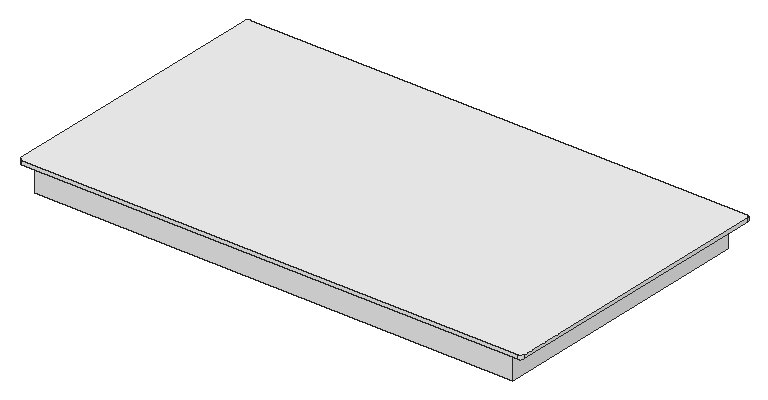
Revit family "Qf_Summit_SINC5B36W_36 inches 208-240V 5-Zone Induction Cooktop", category Specialty Equipment, Revit 2020
Family settings
  Round Connector Dimension = Use Diameter
  Part Type = Normal
  Work Plane-Based = No
  Always vertical = Yes
  Cut with Voids When Loaded = No
  Shared = No
  Room Calculation Point = No
Parameters
  Weight in Pounds = 40
  Watts = FL Amps * Volts  # 12000 W
  Volts = 240 V
  URL Cutsheet = ""
  Specification by User = ""
  Specification by Manufacturer = ""
  Show Clearance [instance] = yes
  Serial Number = ""
  Seismic Rating = ""
  SMACNA No = ""
  Revision Code = ""
  Phase = 1
  Number of Poles = 1
  NAFEM Spec ID Number = ""
  Model = "SINC5B36W"
  Min Ckt Ampacity = 0 A
  Max Overcurrent Protection = 0 A
  Masterspec = ""
  Manufacturer = "Summit"
  Length = 36"
  Item Number = ""
  Installed By = ""
  Identify Quantity as Lot = yes
  Height = 2"
  HP = ""
  Furnished By = ""
  Foodservice Equipment Identifier = yes
  FL Amps = 50 A
  Electrical Remarks = ""
  Electric Connection Type = ""
  Elec Conn RI Height = 0"
  Elec Conn Connection Height = 0"
  Description = "36\" Wide 208-240V 5-Zone Induction Cooktop"
  Depth = 20 1/2"
  Default Elevation = 0"
  Cycle = 60 Hz
  Conn Plug = ""
  Conn Conduit = yes
  CSI MasterFormat = ""
  Apparent Power = 828 VA
Reference planes (in)
  plane 1: z = 0
  plane 2 "LEFT": x = 0
  plane 3 "RIGHT": x = 36
  plane 4 "FRONT": y = -21.25
  plane 5 "TOP": z = 2
  plane 6 "Center Y": x = 18
  plane 7 "Center X": y = -11
  plane 8 "BACK": y = -0.75
  plane 9: z = 2.25
  plane 10: y = -1.3125
  plane 11: y = -20.5625
  plane 12: x = 34.875
  plane 13: x = 0.625
Forms (in)
  Extrusion 1, solid, material "QF_Plastic_White_Smooth"
    sketch origin (0, 0, 0) x (1, 0, 0) y (0, 1, 0)
      loop
        line (0, -1) -> (0, -20.9375)
        arc (0, -20.9375) -> (0.06782, -21.13949) -> (0.25, -21.25) r 0.31002
        line (0.25, -21.25) -> (35.75, -21.25)
        arc (35.75, -21.25) -> (35.93218, -21.13949) -> (36, -20.9375) r 0.31002
        line (36, -20.9375) -> (36, -1)
        arc (36, -1) -> (35.92678, -0.82322) -> (35.75, -0.75) r 0.25
        line (35.75, -0.75) -> (0.25, -0.75)
        arc (0.25, -0.75) -> (0.07322, -0.82322) -> (0, -1) r 0.25
    from 2 to 2.25
  Extrusion 2, solid, material "QF_Plastic_White_Smooth"
    sketch origin (0, 0, 0) x (1, 0, 0) y (0, 1, 0)
      loop
        line (0.625, -20.5625) -> (34.875, -20.5625) -> (34.875, -1.3125) -> (0.625, -1.3125) -> (0.625, -20.5625)
    from 0 to 2
  Extrusion 3, solid, material "QF_Plastic_White_Smooth"
    sketch origin (7.875, -19.5, 18.75) x (1, 0, 0) y (0, 0, 1)
      loop
        circle (16.25, -17.80912) r 0.25
    from -18.75 to -18.1875
Cuts and joins
  joined: Extrusion 2, Extrusion 3
Lines and regions (in)
  Split face 1
    outline origin (0, 0, 2.25) x (1, 0, 0) y (0, 1, 0)
      loop
        circle (6, -13.75) r 4.125
  Split face 2
    outline origin (11.24609, 7.46819, 2.25) x (1, 0, 0) y (0, 1, 0)
      loop
        circle (18.75, -13.75) r 4.125
  Split face 3
    outline origin (11.24609, -1.375, 2.25) x (1, 0, 0) y (0, 1, 0)
      loop
        circle (18.75, -13.375) r 3.125
  Split face 4
    outline origin (0, 8.125, 2.25) x (1, 0, 0) y (0, 1, 0)
      loop
        circle (6, -13.375) r 3.125
  Split face 5
    outline origin (0, 0, 2.25) x (1, 0, 0) y (0, 1, 0)
      loop
        circle (6, -5.25) r 3.07495
  Split face 6
    outline origin (11.24609, -9.5, 2.25) x (1, 0, 0) y (0, 1, 0)
      loop
        circle (18.75, -5.25) r 2.88432
  Split face 7
    outline origin (-0.25391, 0, 2.25) x (1, 0, 0) y (0, 1, 0)
      loop
        circle (30.25, -6.25) r 4.06439
  Split face 8
    outline origin (-11.5, -7.46819, 2.25) x (1, 0, 0) y (0, 1, 0)
      loop
        circle (17.5, -6.25) r 3.8775
  Split face 9
    outline origin (11.24609, -9.5, 2.25) x (1, 0, 0) y (0, 1, 0)
      loop
        circle (18.75, -5.25) r 3.07495
  Split face 10
    outline origin (0, 0, 2.25) x (1, 0, 0) y (0, 1, 0)
      loop
        circle (6, -5.25) r 2.9375
  Split face 11
    outline origin (11.24609, -9.5, 2.25) x (1, 0, 0) y (0, 1, 0)
      loop
        circle (18.75, -5.25) r 2.9375
  Split face 12
    outline origin (0, 0, 2.25) x (1, 0, 0) y (0, 1, 0)
      loop
        circle (6, -5.25) r 2.88432
  Split face 13
    outline origin (-11.5, -7.5, 2.25) x (1, 0, 0) y (0, 1, 0)
      loop
        circle (17.5, -6.25) r 4.07036
  Split face 14
    outline origin (-0.25391, 0, 2.25) x (1, 0, 0) y (0, 1, 0)
      loop
        circle (30.25, -6.25) r 3.80074
  Split face 15
    outline origin (-11.5, -7.5, 2.25) x (1, 0, 0) y (0, 1, 0)
      loop
        circle (17.5, -6.25) r 3.81335
  Split face 16
    outline origin (-0.25391, 0.03181, 2.25) x (1, 0, 0) y (0, 1, 0)
      loop
        circle (30.25, -6.25) r 3.8775
  Split face 17
    outline origin (7.74785, 0.99908, 2.25) x (1, 0, 0) y (0, 1, 0)
      loop
        circle (7.5, -19.75) r 0.375
  Split face 18
    outline origin (-0.76268, 1.03137, 2.25) x (1, 0, 0) y (0, 1, 0)
      loop
        circle (20.25, -19.75) r 0.375
  Split face 19
    outline origin (1.25, 0, 2.25) x (1, 0, 0) y (0, 1, 0)
      loop
        circle (20.25, -19.75) r 0.375
  Split face 20
    outline origin (2.25, 0, 2.25) x (1, 0, 0) y (0, 1, 0)
      loop
        circle (20.25, -19.75) r 0.375
  Split face 21
    outline origin (3.15298, 0, 2.25) x (1, 0, 0) y (0, 1, 0)
      loop
        circle (19.34702, -19.75) r 0.21256
  Split face 22
    outline origin (2.15298, 0, 2.25) x (1, 0, 0) y (0, 1, 0)
      loop
        circle (19.34702, -19.75) r 0.34194
  Split face 23
    outline origin (20.55934, 1.24508, 2.25) x (0, 1, 0) y (-1, 0, 0)
      loop
        circle (-19.85939, 5.45621) r 0.14044
  Split face 24
    outline origin (9.53892, 0.72109, 2.25) x (0, 1, 0) y (-1, 0, 0)
      loop
        line (-20.35718, -7.21108) -> (-20.47109, -7.21108) -> (-20.47109, -10.21108) -> (-20.11953, -10.21108) -> (-20.35718, -7.21108)
  Split face 25
    outline origin (19.91992, 1.24508, 2.25) x (0, 1, 0) y (-1, 0, 0)
      loop
        circle (-19.85987, 4.81773) r 0.13153
  Split face 26
    outline origin (20.17523, 1.52415, 2.25) x (0, 1, 0) y (-1, 0, 0)
      loop
        circle (-20.27405, 4.92738) r 0.36076
  Split face 27
    outline origin (1.42583, 1.27737, 2.25) x (1, 0, 0) y (0, 1, 0)
      loop
        circle (18.20621, -19.85939) r 0.14044
  Split face 28
    outline origin (2.06526, 1.27737, 2.25) x (1, 0, 0) y (0, 1, 0)
      loop
        circle (17.56773, -19.85987) r 0.13153
  Split face 29
    outline origin (1.80994, 1.55644, 2.25) x (1, 0, 0) y (0, 1, 0)
      loop
        circle (17.67738, -20.27405) r 0.36076
  Split face 30
    outline origin (2.10819, 0.8548, 2.25) x (1, 0, 0) y (0, 1, 0)
      loop
        circle (19.39074, -20.60504) r 0.33037
  Split face 31
    outline origin (1.38715, 1.25448, 2.25) x (1, 0, 0) y (0, 1, 0)
      loop
        circle (20.11178, -21.00472) r 0.36442
  Split face 32
    outline origin (3.10819, 0.8548, 2.25) x (1, 0, 0) y (0, 1, 0)
      loop
        circle (19.39074, -20.60504) r 0.23196
  Split face 33
    outline origin (2.38715, 1.25448, 2.25) x (1, 0, 0) y (0, 1, 0)
      loop
        circle (20.11178, -21.00472) r 0.36024
  Split face 34
    outline origin (7, 0, 2.25) x (1, 0, 0) y (0, 1, 0)
      loop
        circle (7.5, -19.75) r 0.375
  Split face 35
    outline origin (7.90298, 0, 2.25) x (1, 0, 0) y (0, 1, 0)
      loop
        circle (6.59702, -19.75) r 0.34194
  Split face 36
    outline origin (7.85819, 0.8548, 2.25) x (1, 0, 0) y (0, 1, 0)
      loop
        circle (6.64074, -20.60504) r 0.33037
  Split face 37
    outline origin (7.13715, 1.25448, 2.25) x (1, 0, 0) y (0, 1, 0)
      loop
        circle (7.36178, -21.00472) r 0.36442
  Split face 38
    outline origin (6, 0, 2.25) x (1, 0, 0) y (0, 1, 0)
      loop
        circle (7.5, -19.75) r 0.375
  Split face 39
    outline origin (6.90298, 0, 2.25) x (1, 0, 0) y (0, 1, 0)
      loop
        circle (6.59702, -19.75) r 0.34194
  Split face 40
    outline origin (6.85819, 0.8548, 2.25) x (1, 0, 0) y (0, 1, 0)
      loop
        circle (6.64074, -20.60504) r 0.33037
  Split face 41
    outline origin (6.13715, 1.25448, 2.25) x (1, 0, 0) y (0, 1, 0)
      loop
        circle (7.36178, -21.00472) r 0.36442
  Split face 42
    outline origin (0.48732, 1.00012, 2.25) x (1, 0, 0) y (0, 1, 0)
      loop
        circle (20.25, -19.75) r 0.375
  Split face 43
    outline origin (2.66163, 0.95258, 2.25) x (1, 0, 0) y (0, 1, 0)
      loop
        circle (18.20621, -19.85939) r 0.14044
  Split face 44
    outline origin (3.30105, 0.95258, 2.25) x (1, 0, 0) y (0, 1, 0)
      loop
        circle (17.56773, -19.85987) r 0.13153
  Split face 45
    outline origin (3.05994, 1.52519, 2.25) x (1, 0, 0) y (0, 1, 0)
      loop
        circle (17.67738, -20.27405) r 0.36076
  Split face 46
    outline origin (2.0061, 1.00305, 2.25) x (1, 0, 0) y (0, 1, 0)
      loop
        circle (14.5, -19.75) r 0.375
  Split face 47
    outline origin (3.90045, 0.95962, 2.25) x (1, 0, 0) y (0, 1, 0)
      loop
        circle (12.45621, -19.85939) r 0.14044
  Split face 48
    outline origin (4.53987, 0.95962, 2.25) x (1, 0, 0) y (0, 1, 0)
      loop
        circle (11.81773, -19.85987) r 0.13153
  Split face 49
    outline origin (4.57872, 1.52812, 2.25) x (1, 0, 0) y (0, 1, 0)
      loop
        circle (11.92738, -20.27405) r 0.36076
  Split face 50
    outline origin (-0.50391, 3.46819, 2.25) x (1, 0, 0) y (0, 1, 0)
      loop
        circle (18.25, -13.75) r 5.5
  Split face 51
    outline origin (-12.00391, -4, 2.25) x (1, 0, 0) y (0, 1, 0)
      loop
        circle (29.75, -6.25) r 5.41675
  Split face 52
    outline origin (-12.00391, -4, 2.25) x (1, 0, 0) y (0, 1, 0)
      loop
        circle (29.75, -6.25) r 4.92111
  Split face 53
    outline origin (-12.00391, -3.96819, 2.25) x (1, 0, 0) y (0, 1, 0)
      loop
        circle (29.75, -6.28125) r 5
  Split face 54
    outline origin (-2, 1, 2.25) x (1, 0, 0) y (0, 1, 0)
      loop
        circle (20.25, -19.75) r 0.375
  Split face 55
    outline origin (0.57262, 1.52507, 2.25) x (1, 0, 0) y (0, 1, 0)
      loop
        circle (17.67738, -20.27405) r 0.12497
  Split face 56
    outline origin (0.57262, 1.52507, 2.25) x (1, 0, 0) y (0, 1, 0)
      loop
        circle (17.67738, -20.27405) r 0.35582
  symbolic lines
    curve 1: line (0, -1, 0) -> (0, -20.9375, 0)
    curve 2: arc (0, -20.9375, 0) -> (0.06782, -21.13949, 0) -> (0.25, -21.25, 0) r 0.31002
    curve 3: line (0.25, -21.25, 0) -> (35.75, -21.25, 0)
    curve 4: arc (35.75, -21.25, 0) -> (35.93218, -21.13949, 0) -> (36, -20.9375, 0) r 0.31002
    curve 5: line (36, -20.9375, 0) -> (36, -1, 0)
    curve 6: arc (36, -1, 0) -> (35.92678, -0.82322, 0) -> (35.75, -0.75, 0) r 0.25
    curve 7: line (35.75, -0.75, 0) -> (0.25, -0.75, 0)
    curve 8: arc (0.25, -0.75, 0) -> (0.07322, -0.82322, 0) -> (0, -1, 0) r 0.25
    curve 9: arc (2.875, -5.25, 0) -> (6, -2.125, 0) -> (9.125, -5.25, 0) r 3.125
    curve 10: arc (9.125, -5.25, 0) -> (6, -8.375, 0) -> (2.875, -5.25, 0) r 3.125
    curve 11: arc (2.92505, -5.25, 0) -> (6, -8.32495, 0) -> (9.07495, -5.25, 0) r 3.07495
    curve 12: arc (9.07495, -5.25, 0) -> (6, -2.17505, 0) -> (2.92505, -5.25, 0) r 3.07495
    curve 13: arc (3.0625, -5.25, 0) -> (6, -8.1875, 0) -> (8.9375, -5.25, 0) r 2.9375
    curve 14: arc (8.9375, -5.25, 0) -> (6, -2.3125, 0) -> (3.0625, -5.25, 0) r 2.9375
    curve 15: arc (3.11568, -5.25, 0) -> (6, -8.13432, 0) -> (8.88432, -5.25, 0) r 2.88432
    curve 16: arc (8.88432, -5.25, 0) -> (6, -2.36568, 0) -> (3.11568, -5.25, 0) r 2.88432
    curve 17: arc (12.82498, -10.25, 0) -> (17.74609, -15.17111, 0) -> (22.6672, -10.25, 0) r 4.92111
    curve 18: arc (22.6672, -10.25, 0) -> (17.74609, -5.32889, 0) -> (12.82498, -10.25, 0) r 4.92111
    curve 19: arc (22.74609, -10.24944, 0) -> (17.74609, -15.24944, 0) -> (12.74609, -10.24944, 0) r 5
    curve 20: arc (12.74609, -10.24944, 0) -> (17.74609, -5.24944, 0) -> (22.74609, -10.24944, 0) r 5
    curve 21: arc (23.16285, -10.25, 0) -> (17.74609, -4.83325, 0) -> (12.32934, -10.25, 0) r 5.41675
    curve 22: arc (12.32934, -10.25, 0) -> (17.74609, -15.66675, 0) -> (23.16285, -10.25, 0) r 5.41675
    curve 23: arc (12.24609, -10.28181, 0) -> (17.74609, -4.78181, 0) -> (23.24609, -10.28181, 0) r 5.5
    curve 24: arc (23.24609, -10.28181, 0) -> (17.74609, -15.78181, 0) -> (12.24609, -10.28181, 0) r 5.5
    curve 25: arc (34.12109, -6.28181, 0) -> (29.99609, -10.40681, 0) -> (25.8711, -6.28181, 0) r 4.125
    curve 26: arc (25.8711, -6.28181, 0) -> (29.99609, -2.15681, 0) -> (34.12109, -6.28181, 0) r 4.125
    curve 27: arc (25.93171, -6.25, 0) -> (29.99609, -10.31439, 0) -> (34.06048, -6.25, 0) r 4.06439
    curve 28: arc (34.06048, -6.25, 0) -> (29.99609, -2.18561, 0) -> (25.93171, -6.25, 0) r 4.06439
    curve 29: arc (33.79683, -6.25, 0) -> (29.99609, -10.05074, 0) -> (26.19536, -6.25, 0) r 3.80074
    curve 30: arc (26.19536, -6.25, 0) -> (29.99609, -2.44926, 0) -> (33.79683, -6.25, 0) r 3.80074
    curve 31: arc (33.87359, -6.21819, 0) -> (29.99609, -10.09569, 0) -> (26.1186, -6.21819, 0) r 3.8775
    curve 32: arc (26.1186, -6.21819, 0) -> (29.99609, -2.34069, 0) -> (33.87359, -6.21819, 0) r 3.8775
    curve 33: arc (33.07104, -14.75, 0) -> (29.99609, -11.67505, 0) -> (26.92115, -14.75, 0) r 3.07495
    curve 34: arc (26.92115, -14.75, 0) -> (29.99609, -17.82495, 0) -> (33.07104, -14.75, 0) r 3.07495
    curve 35: arc (26.8711, -14.75, 0) -> (29.99609, -11.625, 0) -> (33.12109, -14.75, 0) r 3.125
    curve 36: arc (33.12109, -14.75, 0) -> (29.99609, -17.875, 0) -> (26.8711, -14.75, 0) r 3.125
    curve 37: arc (27.11177, -14.75, 0) -> (29.99609, -11.86568, 0) -> (32.88042, -14.75, 0) r 2.88432
    curve 38: arc (32.88042, -14.75, 0) -> (29.99609, -17.63432, 0) -> (27.11177, -14.75, 0) r 2.88432
    curve 39: arc (27.0586, -14.75, 0) -> (29.99609, -11.8125, 0) -> (32.93359, -14.75, 0) r 2.9375
    curve 40: arc (32.93359, -14.75, 0) -> (29.99609, -17.6875, 0) -> (27.0586, -14.75, 0) r 2.9375
    curve 41: arc (13.15806, -19.75, 0) -> (13.5, -19.40806, 0) -> (13.84194, -19.75, 0) r 0.34194
    curve 42: arc (13.84194, -19.75, 0) -> (13.5, -20.09194, 0) -> (13.15806, -19.75, 0) r 0.34194
    curve 43: arc (13.8293, -19.75024, 0) -> (13.49893, -19.41987, 0) -> (13.16856, -19.75024, 0) r 0.33037
    curve 44: arc (13.16856, -19.75024, 0) -> (13.49893, -20.08061, 0) -> (13.8293, -19.75024, 0) r 0.33037
    curve 45: arc (13.86334, -19.75024, 0) -> (13.49893, -19.38582, 0) -> (13.13451, -19.75024, 0) r 0.36442
    curve 46: arc (13.13451, -19.75024, 0) -> (13.49893, -20.11466, 0) -> (13.86334, -19.75024, 0) r 0.36442
    curve 47: arc (13.125, -19.75, 0) -> (13.5, -19.375, 0) -> (13.875, -19.75, 0) r 0.375
    curve 48: arc (13.875, -19.75, 0) -> (13.5, -20.125, 0) -> (13.125, -19.75, 0) r 0.375
    curve 49: arc (14.125, -19.75, 0) -> (14.5, -19.375, 0) -> (14.875, -19.75, 0) r 0.375
    curve 50: arc (14.875, -19.75, 0) -> (14.5, -20.125, 0) -> (14.125, -19.75, 0) r 0.375
    curve 51: arc (14.86334, -19.75024, 0) -> (14.49893, -19.38582, 0) -> (14.13451, -19.75024, 0) r 0.36442
    curve 52: arc (14.13451, -19.75024, 0) -> (14.49893, -20.11466, 0) -> (14.86334, -19.75024, 0) r 0.36442
    curve 53: arc (14.15806, -19.75, 0) -> (14.5, -19.40806, 0) -> (14.84194, -19.75, 0) r 0.34194
    curve 54: arc (14.84194, -19.75, 0) -> (14.5, -20.09194, 0) -> (14.15806, -19.75, 0) r 0.34194
    curve 55: arc (14.8293, -19.75024, 0) -> (14.49893, -19.41987, 0) -> (14.16856, -19.75024, 0) r 0.33037
    curve 56: arc (14.16856, -19.75024, 0) -> (14.49893, -20.08061, 0) -> (14.8293, -19.75024, 0) r 0.33037
    curve 57: line (16.75, -19.75, 0) -> (19.75, -19.75, 0)
    curve 58: line (19.75, -19.75, 0) -> (19.75, -19.39845, 0)
    curve 59: line (19.75, -19.39845, 0) -> (16.75, -19.63609, 0)
    curve 60: line (16.75, -19.63609, 0) -> (16.75, -19.75, 0)
    curve 61: arc (21.875, -19.75, 0) -> (21.5, -20.125, 0) -> (21.125, -19.75, 0) r 0.375
    curve 62: arc (21.125, -19.75, 0) -> (21.5, -19.375, 0) -> (21.875, -19.75, 0) r 0.375
    curve 63: arc (21.84194, -19.75, 0) -> (21.5, -20.09194, 0) -> (21.15806, -19.75, 0) r 0.34194
    curve 64: arc (21.15806, -19.75, 0) -> (21.5, -19.40806, 0) -> (21.84194, -19.75, 0) r 0.34194
    curve 65: arc (21.16856, -19.75024, 0) -> (21.49893, -20.08061, 0) -> (21.8293, -19.75024, 0) r 0.33037
    curve 66: arc (21.8293, -19.75024, 0) -> (21.49893, -19.41987, 0) -> (21.16856, -19.75024, 0) r 0.33037
    curve 67: arc (21.86334, -19.75024, 0) -> (21.49893, -20.11466, 0) -> (21.13451, -19.75024, 0) r 0.36442
    curve 68: arc (21.13451, -19.75024, 0) -> (21.49893, -19.38582, 0) -> (21.86334, -19.75024, 0) r 0.36442
    curve 69: arc (22.875, -19.75, 0) -> (22.5, -20.125, 0) -> (22.125, -19.75, 0) r 0.375
    curve 70: arc (22.125, -19.75, 0) -> (22.5, -19.375, 0) -> (22.875, -19.75, 0) r 0.375
    curve 71: arc (22.13869, -19.75024, 0) -> (22.49893, -20.11048, 0) -> (22.85917, -19.75024, 0) r 0.36024
    curve 72: arc (22.85917, -19.75024, 0) -> (22.49893, -19.39, 0) -> (22.13869, -19.75024, 0) r 0.36024
    curve 73: arc (22.26697, -19.75024, 0) -> (22.49893, -19.51828, 0) -> (22.73089, -19.75024, 0) r 0.23196
    curve 74: arc (22.73089, -19.75024, 0) -> (22.49893, -19.9822, 0) -> (22.26697, -19.75024, 0) r 0.23196
    curve 75: arc (22.71256, -19.75, 0) -> (22.5, -19.53744, 0) -> (22.28744, -19.75, 0) r 0.21256
    curve 76: arc (22.28744, -19.75, 0) -> (22.5, -19.96256, 0) -> (22.71256, -19.75, 0) r 0.21256
    curve 77: arc (20.7274, -18.90682, 0) -> (20.86784, -18.76637, 0) -> (21.00829, -18.90682, 0) r 0.14044
    curve 78: arc (21.00829, -18.90682, 0) -> (20.86784, -19.04726, 0) -> (20.7274, -18.90682, 0) r 0.14044
    curve 79: arc (21.00032, -18.90729, 0) -> (20.86878, -18.77576, 0) -> (20.73725, -18.90729, 0) r 0.13153
    curve 80: arc (20.73725, -18.90729, 0) -> (20.86878, -19.03882, 0) -> (21.00032, -18.90729, 0) r 0.13153
    curve 81: arc (20.37656, -18.74886, 0) -> (20.73732, -19.10962, 0) -> (21.09808, -18.74886, 0) r 0.36076
    curve 82: arc (21.09808, -18.74886, 0) -> (20.73732, -18.3881, 0) -> (20.37656, -18.74886, 0) r 0.36076
    curve 83: arc (21.11232, -18.74988, 0) -> (20.73732, -19.12488, 0) -> (20.36232, -18.74988, 0) r 0.375
    curve 84: arc (20.36232, -18.74988, 0) -> (20.73732, -18.37488, 0) -> (21.11232, -18.74988, 0) r 0.375
    curve 85: arc (19.11232, -18.71863, 0) -> (19.48732, -19.09363, 0) -> (19.86232, -18.71863, 0) r 0.375
    curve 86: arc (19.86232, -18.71863, 0) -> (19.48732, -18.34363, 0) -> (19.11232, -18.71863, 0) r 0.375
    curve 87: arc (19.12656, -18.71761, 0) -> (19.48732, -19.07837, 0) -> (19.84808, -18.71761, 0) r 0.36076
    curve 88: arc (19.84808, -18.71761, 0) -> (19.48732, -18.35685, 0) -> (19.12656, -18.71761, 0) r 0.36076
    curve 89: arc (19.4916, -18.58203, 0) -> (19.63205, -18.72247, 0) -> (19.77249, -18.58203, 0) r 0.14044
    curve 90: arc (19.77249, -18.58203, 0) -> (19.63205, -18.44158, 0) -> (19.4916, -18.58203, 0) r 0.14044
    curve 91: arc (19.76452, -18.5825, 0) -> (19.63299, -18.71404, 0) -> (19.50145, -18.5825, 0) r 0.13153
    curve 92: arc (19.76452, -18.5825, 0) -> (19.63299, -18.45097, 0) -> (19.50145, -18.5825, 0) r 0.13153
    curve 93: arc (18.37497, -18.74898, 0) -> (18.25, -18.62401, 0) -> (18.12503, -18.74898, 0) r 0.12497
    curve 94: arc (18.12503, -18.74898, 0) -> (18.25, -18.87395, 0) -> (18.37497, -18.74898, 0) r 0.12497
    curve 95: arc (17.89418, -18.74898, 0) -> (18.25, -18.39316, 0) -> (18.60582, -18.74898, 0) r 0.35582
    curve 96: arc (18.60582, -18.74898, 0) -> (18.25, -19.1048, 0) -> (17.89418, -18.74898, 0) r 0.35582
    curve 97: arc (18.625, -18.75, 0) -> (18.25, -18.375, 0) -> (17.875, -18.75, 0) r 0.375
    curve 98: arc (17.875, -18.75, 0) -> (18.25, -19.125, 0) -> (18.625, -18.75, 0) r 0.375
    curve 99: arc (16.48914, -18.90024, 0) -> (16.3576, -18.76871, 0) -> (16.22607, -18.90024, 0) r 0.13153
    curve 100: arc (16.22607, -18.90024, 0) -> (16.3576, -19.03178, 0) -> (16.48914, -18.90024, 0) r 0.13153
    curve 101: arc (16.21622, -18.89977, 0) -> (16.35666, -18.75932, 0) -> (16.49711, -18.89977, 0) r 0.14044
    curve 102: arc (16.49711, -18.89977, 0) -> (16.35666, -19.04021, 0) -> (16.21622, -18.89977, 0) r 0.14044
    curve 103: arc (16.14534, -18.74593, 0) -> (16.5061, -19.10669, 0) -> (16.86685, -18.74593, 0) r 0.36076
    curve 104: arc (16.86685, -18.74593, 0) -> (16.5061, -18.38517, 0) -> (16.14534, -18.74593, 0) r 0.36076
    curve 105: arc (16.8811, -18.74695, 0) -> (16.5061, -19.12195, 0) -> (16.1311, -18.74695, 0) r 0.375
    curve 106: arc (16.1311, -18.74695, 0) -> (16.5061, -18.37195, 0) -> (16.8811, -18.74695, 0) r 0.375
    curve 107: arc (15.10219, -18.48326, 0) -> (14.97065, -18.61479, 0) -> (15.10219, -18.74633, 0) r 0.13153
    curve 108: arc (15.10219, -18.74633, 0) -> (15.23372, -18.61479, 0) -> (15.10219, -18.48326, 0) r 0.13153
    curve 109: arc (15.10313, -18.75476, 0) -> (14.96268, -18.61432, 0) -> (15.10313, -18.47387, 0) r 0.14044
    curve 110: arc (15.10313, -18.47387, 0) -> (15.24357, -18.61432, 0) -> (15.10313, -18.75476, 0) r 0.14044
    curve 111: arc (15.62285, -18.75092, 0) -> (15.24785, -18.37592, 0) -> (14.87285, -18.75092, 0) r 0.375
    curve 112: arc (14.87285, -18.75092, 0) -> (15.24785, -19.12592, 0) -> (15.62285, -18.75092, 0) r 0.375
    curve 113: arc (15.24785, -18.38914, 0) -> (14.88709, -18.7499, 0) -> (15.24785, -19.11066, 0) r 0.36076
    curve 114: arc (15.24785, -19.11066, 0) -> (15.60861, -18.7499, 0) -> (15.24785, -18.38914, 0) r 0.36076
    curve 115: arc (2.18665, -13.75, 0) -> (6, -17.56335, 0) -> (9.81335, -13.75, 0) r 3.81335
    curve 116: arc (2.18665, -13.75, 0) -> (6, -9.93665, 0) -> (9.81335, -13.75, 0) r 3.81335
    curve 117: arc (2.1225, -13.71819, 0) -> (6, -9.84069, 0) -> (9.8775, -13.71819, 0) r 3.8775
    curve 118: arc (9.8775, -13.71819, 0) -> (6, -17.59569, 0) -> (2.1225, -13.71819, 0) r 3.8775
    curve 119: arc (10.07036, -13.75, 0) -> (6, -9.67964, 0) -> (1.92964, -13.75, 0) r 4.07036
    curve 120: arc (1.92964, -13.75, 0) -> (6, -17.82036, 0) -> (10.07036, -13.75, 0) r 4.07036
    curve 121: arc (1.875, -13.75, 0) -> (6, -9.625, 0) -> (10.125, -13.75, 0) r 4.125
    curve 122: arc (10.125, -13.75, 0) -> (6, -17.875, 0) -> (1.875, -13.75, 0) r 4.125
Dimensions and locks (in)
  equal spacing: plane 2 "LEFT", plane 6 "Center Y", plane 3 "RIGHT"
  "Length": plane 2 "LEFT" to plane 3 "RIGHT"
  equal spacing: plane 4 "FRONT", plane 7 "Center X", plane 8 "BACK"
  "Height": plane 5 "TOP" to level
  plane 5 "TOP" to level = 2"
  "Depth": plane 4 "FRONT" to plane 8 "BACK"
  plane 9 to plane 5 "TOP" = 1/4"
  plane 3 "RIGHT" to plane 2 "LEFT" = 36"
  plane 10 to plane 11 = 19 1/4"
  locked: plane 11 to plane 4 "FRONT" at 0.6875
  plane 12 to plane 13 = 34 1/4"
  aligned and locked: level to plane 1
  aligned and locked: plane 5 "TOP" to Extrusion 2
  aligned and locked: Extrusion 1 to plane 5 "TOP"
  aligned and locked: Extrusion 1 to plane 9
  aligned and locked: Extrusion 3 to plane 8 "BACK"
  aligned and locked: plane 10 to Extrusion 3
Automatic sketch dimensions
  Extrusion 1 sketch curve to plane 2 "LEFT" = 0"
  plane 4 "FRONT" to Extrusion 1 sketch curve = 0"
  plane 8 "BACK" to Extrusion 1 sketch curve = 0"
  Extrusion 1 sketch curve to plane 3 "RIGHT" = 0"
  plane 2 "LEFT" to Extrusion 1 sketch curve = 1/4"  (x2)
  Extrusion 1 sketch curve to plane 4 "FRONT" = 0.30417"  (x2)
  plane 2 "LEFT" to Extrusion 1 sketch curve = 0.3099"
  plane 3 "RIGHT" to Extrusion 1 sketch curve = 0.3099"
  plane 3 "RIGHT" to Extrusion 1 sketch curve = 1/4"  (x2)
  plane 10 to Extrusion 2 sketch curve = 0"
  Extrusion 2 sketch curve to plane 11 = 0"
  plane 13 to Extrusion 2 sketch curve = 0"
  plane 12 to Extrusion 2 sketch curve = 0"
  Split face 1 sketch curve to Extrusion 1 = 6"
  Split face 1 sketch curve to Extrusion 1 = 7 1/2"
  Split face 2 sketch curve to Extrusion 1 = 6 1/256"
  Split face 2 sketch curve to Extrusion 1 = 5.53181"
  Split face 3 sketch curve to Extrusion 1 = 6 1/256"
  Split face 3 sketch curve to Extrusion 1 = 6 1/2"
  Split face 4 sketch curve to Extrusion 1 = 6"
  Split face 4 sketch curve to Extrusion 1 = 4 1/2"
  Split face 5 sketch curve to Extrusion 1 = 6"
  Split face 5 sketch curve to Extrusion 1 = 4 1/2"
  Split face 6 sketch curve to Extrusion 1 = 6 1/256"
  Split face 6 sketch curve to Extrusion 1 = 6 1/2"
  Split face 8 sketch curve to Extrusion 1 = 6"
  Split face 8 sketch curve to Extrusion 1 = 7.53181"
  Split face 9 sketch curve to Extrusion 1 = 6 1/256"
  Split face 9 sketch curve to Extrusion 1 = 6 1/2"
  Split face 10 sketch curve to Extrusion 1 = 6"
  Split face 10 sketch curve to Extrusion 1 = 4 1/2"
  Split face 11 sketch curve to Extrusion 1 = 6 1/256"
  Split face 11 sketch curve to Extrusion 1 = 6 1/2"
  Split face 12 sketch curve to Extrusion 1 = 6"
  Split face 12 sketch curve to Extrusion 1 = 4 1/2"
  Split face 13 sketch curve to Extrusion 1 = 6"
  Split face 13 sketch curve to Extrusion 1 = 7 1/2"
  Split face 15 sketch curve to Extrusion 1 = 6"
  Split face 15 sketch curve to Extrusion 1 = 7 1/2"
  Split face 16 sketch curve to Extrusion 1 = 6 1/256"
  Split face 16 sketch curve to Extrusion 1 = 5.46819"
  Split face 17 sketch curve to Extrusion 1 = 2.49908"
  Split face 17 sketch curve to Extrusion 1 = 15.24785"
  Split face 18 sketch curve to Extrusion 1 = 2.53137"
  Split face 18 sketch curve to Extrusion 1 = 16.51268"
  Split face 19 sketch curve to Extrusion 1 = 1 1/2"
  Split face 19 sketch curve to Extrusion 1 = 14 1/2"
  Split face 20 sketch curve to Extrusion 1 = 1 1/2"
  Split face 20 sketch curve to Extrusion 1 = 13 1/2"
  Split face 21 sketch curve to Extrusion 1 = 1 1/2"
  Split face 21 sketch curve to Extrusion 1 = 13 1/2"
  Split face 22 sketch curve to Extrusion 1 = 1 1/2"
  Split face 22 sketch curve to Extrusion 1 = 14 1/2"
  Split face 23 sketch curve to Extrusion 1 = 2.63568"
  Split face 23 sketch curve to Extrusion 1 = 15.10313"
  Split face 24 sketch curve to Extrusion 1 = 1 1/2"
  Split face 24 sketch curve to Split face 24 sketch curve = 0.11391"
  Split face 24 sketch curve to Split face 24 sketch curve = 45/128"
  Split face 24 sketch curve to Extrusion 1 = 16 1/4"
  Split face 24 sketch curve to Split face 24 sketch curve = 3"
  Split face 25 sketch curve to Extrusion 1 = 2.63521"
  Split face 25 sketch curve to Extrusion 1 = 15.10219"
  Split face 26 sketch curve to Extrusion 1 = 2.5001"
  Split face 26 sketch curve to Extrusion 1 = 15.24785"
  Split face 27 sketch curve to Extrusion 1 = 2 171/256"
  Split face 27 sketch curve to Extrusion 1 = 16.36795"
  Split face 28 sketch curve to Extrusion 1 = 2.6675"
  Split face 28 sketch curve to Extrusion 1 = 16.36701"
  Split face 29 sketch curve to Extrusion 1 = 2.53239"
  Split face 29 sketch curve to Extrusion 1 = 16.51268"
  Split face 30 sketch curve to Extrusion 1 = 1.49976"
  Split face 30 sketch curve to Extrusion 1 = 14.50107"
  Split face 31 sketch curve to Extrusion 1 = 1.49976"
  Split face 31 sketch curve to Extrusion 1 = 14.50107"
  Split face 32 sketch curve to Extrusion 1 = 1.49976"
  Split face 32 sketch curve to Extrusion 1 = 13.50107"
  Split face 33 sketch curve to Extrusion 1 = 1.49976"
  Split face 33 sketch curve to Extrusion 1 = 13.50107"
  Split face 34 sketch curve to Extrusion 1 = 1 1/2"
  Split face 34 sketch curve to Extrusion 1 = 14 1/2"
  Split face 35 sketch curve to Extrusion 1 = 1 1/2"
  Split face 35 sketch curve to Extrusion 1 = 14 1/2"
  Split face 36 sketch curve to Extrusion 1 = 1.49976"
  Split face 36 sketch curve to Extrusion 1 = 14.49893"
  Split face 37 sketch curve to Extrusion 1 = 1.49976"
  Split face 37 sketch curve to Extrusion 1 = 14.49893"
  Split face 38 sketch curve to Extrusion 1 = 1 1/2"
  Split face 38 sketch curve to Extrusion 1 = 13 1/2"
  Split face 39 sketch curve to Extrusion 1 = 1 1/2"
  Split face 39 sketch curve to Extrusion 1 = 13 1/2"
  Split face 40 sketch curve to Extrusion 1 = 1.49976"
  Split face 40 sketch curve to Extrusion 1 = 13.49893"
  Split face 41 sketch curve to Extrusion 1 = 1.49976"
  Split face 41 sketch curve to Extrusion 1 = 13.49893"
  plane 6 "Center Y" to Extrusion 3 sketch curve = 6 1/8"
  level to Extrusion 3 sketch curve = 0.94088"
  Split face 42 sketch curve to Extrusion 1 = 2.50012"
  Split face 42 sketch curve to Extrusion 1 = 15.26268"
  Split face 43 sketch curve to Extrusion 1 = 2.34318"
  Split face 43 sketch curve to Extrusion 1 = 15.13216"
  Split face 44 sketch curve to Extrusion 1 = 2.34271"
  Split face 44 sketch curve to Extrusion 1 = 15.13122"
  Split face 45 sketch curve to Extrusion 1 = 2.50114"
  Split face 45 sketch curve to Extrusion 1 = 15.26268"
  Split face 46 sketch curve to Extrusion 1 = 2.50305"
  Split face 46 sketch curve to Extrusion 1 = 16.5061"
  Split face 47 sketch curve to Extrusion 1 = 2.35023"
  Split face 47 sketch curve to Extrusion 1 = 16.35666"
  Split face 48 sketch curve to Extrusion 1 = 2.34976"
  Split face 48 sketch curve to Extrusion 1 = 16.3576"
  Split face 49 sketch curve to Extrusion 1 = 2.50407"
  Split face 49 sketch curve to Extrusion 1 = 16.5061"
  Split face 50 sketch curve to Extrusion 1 = 17 191/256"
  Split face 50 sketch curve to Extrusion 1 = 9.53181"
  Split face 53 sketch curve to Extrusion 1 = 17 191/256"
  Split face 53 sketch curve to Extrusion 1 = 9.49944"
  Split face 54 sketch curve to Extrusion 1 = 2 1/2"
  Split face 54 sketch curve to Extrusion 1 = 17 3/4"
  Split face 55 sketch curve to Extrusion 1 = 2.50102"
  Split face 55 sketch curve to Extrusion 1 = 17 3/4"
  Split face 56 sketch curve to Extrusion 1 = 2.50102"
  Split face 56 sketch curve to Extrusion 1 = 17 3/4"
  Split face 52 sketch curve to Extrusion 1 = 17 191/256"
  Split face 52 sketch curve to Extrusion 1 = 9 1/2"
  Split face 14 sketch curve to Extrusion 1 = 6 1/256"
  Split face 14 sketch curve to Extrusion 1 = 5 1/2"
  curve 1 to plane 2 "LEFT" = 0"
  plane 4 "FRONT" to curve 2 = 0"
  plane 8 "BACK" to curve 8 = 0"
  curve 5 to plane 3 "RIGHT" = 0"
  plane 2 "LEFT" to curve 3 = 1/4"
  curve 1 to curve 8 = 1/4"
  curve 2 to plane 4 "FRONT" = 0.30417"
  plane 2 "LEFT" to curve 2 = 0.3099"
  curve 4 to plane 4 "FRONT" = 0.30417"
  plane 3 "RIGHT" to curve 4 = 0.3099"
  plane 3 "RIGHT" to curve 6 = 1/4"
  plane 3 "RIGHT" to curve 3 = 1/4"
  Split face 51 sketch curve to Extrusion 1 = 17 191/256"
  Split face 51 sketch curve to Extrusion 1 = 9 1/2"
  Split face 7 sketch curve to Extrusion 1 = 6 1/256"
  Split face 7 sketch curve to Extrusion 1 = 5 1/2"
  plane 13 to curve 10 = 5 3/8"
  plane 10 to curve 10 = 3 15/16"
  plane 13 to curve 9 = 2 1/4"
  curve 9 to curve 11 = 0"  (x2)
  curve 9 to curve 11 = 0.05005"
  curve 9 to curve 13 = 0"  (x2)
  curve 11 to curve 13 = 0.13745"
  curve 9 to curve 15 = 0"  (x2)
  curve 13 to curve 16 = 0.05317"
  curve 18 to plane 6 "Center Y" = 65/256"
  plane 7 "Center X" to curve 18 = 3/4"
  curve 18 to curve 17 = 4.92111"
  curve 19 to curve 18 = 0"
  curve 18 to curve 20 = 0.00056"
  curve 20 to curve 18 = 0.07889"
  curve 17 to curve 21 = 0"  (x2)
  curve 21 to curve 20 = 0.41675"
  curve 24 to curve 17 = 0"
  curve 24 to curve 17 = 0.03181"
  curve 23 to curve 21 = 0.08325"
  plane 12 to curve 26 = 4 225/256"
  plane 7 "Center X" to curve 26 = 4.71819"
  curve 26 to curve 25 = 4 1/8"
  curve 27 to curve 25 = 0"
  curve 25 to curve 28 = 0.03181"
  curve 25 to curve 27 = 0.06061"
  curve 27 to curve 29 = 0"  (x2)
  curve 27 to curve 29 = 0.26365"
  curve 31 to curve 27 = 0"
  curve 27 to curve 31 = 0.03181"
  curve 31 to curve 29 = 0.07676"
  plane 12 to curve 34 = 4 225/256"
  curve 34 to plane 7 "Center X" = 3 3/4"
  curve 33 to curve 33 = 3.07495"
  curve 33 to curve 35 = 0"  (x2)
  curve 35 to curve 33 = 0.05005"
  curve 33 to curve 37 = 0"  (x2)
  curve 33 to curve 37 = 0.19062"
  curve 33 to curve 39 = 0"  (x2)
  curve 40 to curve 37 = 0.05317"
  plane 11 to curve 42 = 13/16"
  curve 42 to plane 6 "Center Y" = 4 1/2"
  curve 42 to curve 41 = 0.34194"
  curve 43 to curve 41 = 0.00107"
  curve 44 to curve 41 = 0.00024"
  curve 41 to curve 43 = 0.0105"
  curve 43 to curve 45 = 0"  (x2)
  curve 46 to curve 41 = 0.02355"
  curve 41 to curve 47 = 0"  (x2)
  curve 47 to curve 46 = 0.00951"
  curve 47 to curve 50 = 5/8"
  curve 47 to curve 49 = 0"
  curve 47 to curve 50 = 1/4"
  curve 51 to curve 49 = 0.00107"
  curve 52 to curve 49 = 0.00024"
  curve 49 to curve 52 = 0.00951"
  curve 49 to curve 53 = 0"  (x2)
  curve 51 to curve 53 = 0.02355"
  curve 51 to curve 55 = 0"  (x2)
  curve 53 to curve 56 = 0.0105"
  curve 59 to plane 6 "Center Y" = 1 1/4"
  plane 6 "Center Y" to curve 59 = 1 3/4"
  plane 11 to curve 57 = 13/16"
  curve 57 to curve 59 = 0.11391"
  curve 57 to curve 58 = 45/128"
  plane 11 to curve 62 = 13/16"
  curve 57 to curve 62 = 1 3/4"
  curve 62 to curve 61 = 3/8"
  curve 61 to curve 63 = 0"  (x2)
  curve 61 to curve 63 = 0.03306"
  curve 66 to curve 61 = 0.00107"
  curve 66 to curve 61 = 0.00024"
  curve 64 to curve 65 = 0.0105"
  curve 65 to curve 67 = 0"  (x2)
  curve 62 to curve 67 = 0.00951"
  curve 61 to curve 69 = 5/8"
  curve 61 to curve 69 = 0"
  curve 61 to curve 69 = 1/4"
  curve 72 to curve 69 = 0.00107"
  curve 72 to curve 69 = 0.00024"
  curve 70 to curve 72 = 0.01369"
  curve 71 to curve 73 = 0"  (x2)
  curve 71 to curve 73 = 0.12828"
  curve 69 to curve 75 = 0"  (x2)
  curve 74 to curve 75 = 0.02047"
  curve 78 to curve 61 = 0.25716"
  curve 61 to curve 77 = 0.84318"
  curve 77 to curve 77 = 0.14044"
  curve 77 to curve 79 = 0.00094"
  curve 80 to curve 77 = 0.00047"
  curve 77 to curve 79 = 0.00985"
  curve 77 to curve 81 = 0.00992"
  curve 77 to curve 82 = 0.15795"
  curve 82 to curve 81 = 0.36076"
  curve 84 to curve 81 = 0"
  curve 84 to curve 81 = 0.00102"
  curve 84 to curve 81 = 0.01424"
  curve 86 to curve 58 = 0.26268"
  curve 58 to curve 85 = 0.67981"
  curve 85 to curve 85 = 3/8"
  curve 87 to curve 85 = 0"
  curve 85 to curve 87 = 0.00102"
  curve 86 to curve 88 = 0.01424"
  curve 87 to curve 89 = 0.14472"
  curve 87 to curve 89 = 0.13558"
  curve 87 to curve 89 = 0.00428"
  curve 89 to curve 92 = 0.00094"
  curve 92 to curve 89 = 0.00047"
  curve 90 to curve 92 = 0.00985"
  plane 6 "Center Y" to curve 93 = 1/4"
  curve 94 to curve 85 = 0.03034"
  curve 94 to curve 93 = 0.12497"
  curve 93 to curve 95 = 0"  (x2)
  curve 95 to plane 6 "Center Y" = 0.10582"
  curve 97 to curve 93 = 0"
  curve 97 to curve 93 = 0.00102"
  curve 98 to curve 96 = 0.01918"
  curve 100 to curve 59 = 0.3924"
  curve 59 to curve 100 = 0.73585"
  curve 99 to curve 99 = 0.13153"
  curve 101 to curve 99 = 0.00094"
  curve 99 to curve 101 = 0.00047"
  curve 101 to curve 99 = 0.00985"
  curve 101 to curve 104 = 0.00899"
  curve 101 to curve 103 = 0.15384"
  curve 103 to curve 101 = 0.07088"
  curve 105 to curve 103 = 0"
  curve 105 to curve 103 = 0.00102"
  curve 106 to curve 103 = 0.01424"
  curve 107 to curve 105 = 1.02891"
  curve 105 to curve 108 = 0.13216"
  curve 107 to curve 107 = 0.13153"
  curve 107 to curve 109 = 0.00094"
  curve 107 to curve 109 = 0.00047"
  curve 110 to curve 108 = 0.00844"
  curve 109 to curve 111 = 0.14472"
  curve 109 to curve 112 = 0.00384"
  curve 111 to curve 107 = 0.22934"
  curve 114 to curve 111 = 0"
  curve 111 to curve 114 = 0.00102"
  curve 113 to curve 111 = 0.35974"
  plane 13 to curve 116 = 5 3/8"
  curve 115 to plane 7 "Center X" = 2 3/4"
  plane 13 to curve 116 = 1.56165"
  curve 118 to curve 115 = 0"
  curve 115 to curve 117 = 0.03181"
  curve 117 to curve 115 = 0.06415"
  curve 115 to curve 119 = 0"  (x2)
  curve 120 to curve 117 = 0.19286"
  curve 115 to curve 121 = 0"  (x2)
  curve 121 to curve 119 = 0.05464"
  radius of Split face 1 sketch curve = 4 1/8"
  radius of Split face 2 sketch curve = 4 1/8"
  radius of Split face 3 sketch curve = 3 1/8"
  radius of Split face 4 sketch curve = 3 1/8"
  radius of Split face 5 sketch curve = 3.07495"
  radius of Split face 6 sketch curve = 2.88432"
  radius of Split face 8 sketch curve = 3.8775"
  radius of Split face 9 sketch curve = 3.07495"
  radius of Split face 10 sketch curve = 2 15/16"
  radius of Split face 11 sketch curve = 2 15/16"
  radius of Split face 12 sketch curve = 2.88432"
  radius of Split face 13 sketch curve = 4.07036"
  radius of Split face 15 sketch curve = 3.81335"
  radius of Split face 16 sketch curve = 3.8775"
  radius of Split face 17 sketch curve = 3/8"
  radius of Split face 18 sketch curve = 3/8"
  radius of Split face 19 sketch curve = 3/8"
  radius of Split face 20 sketch curve = 3/8"
  radius of Split face 21 sketch curve = 0.21256"
  radius of Split face 22 sketch curve = 0.34194"
  radius of Split face 23 sketch curve = 0.14044"
  radius of Split face 25 sketch curve = 0.13153"
  radius of Split face 26 sketch curve = 0.36076"
  radius of Split face 27 sketch curve = 0.14044"
  radius of Split face 28 sketch curve = 0.13153"
  radius of Split face 29 sketch curve = 0.36076"
  radius of Split face 30 sketch curve = 0.33037"
  radius of Split face 31 sketch curve = 0.36442"
  radius of Split face 32 sketch curve = 0.23196"
  radius of Split face 33 sketch curve = 0.36024"
  radius of Split face 34 sketch curve = 3/8"
  radius of Split face 35 sketch curve = 0.34194"
  radius of Split face 36 sketch curve = 0.33037"
  radius of Split face 37 sketch curve = 0.36442"
  radius of Split face 38 sketch curve = 3/8"
  radius of Split face 39 sketch curve = 0.34194"
  radius of Split face 40 sketch curve = 0.33037"
  radius of Split face 41 sketch curve = 0.36442"
  radius of Extrusion 3 sketch curve = 1/4"
  radius of Split face 42 sketch curve = 3/8"
  radius of Split face 43 sketch curve = 0.14044"
  radius of Split face 44 sketch curve = 0.13153"
  radius of Split face 45 sketch curve = 0.36076"
  radius of Split face 46 sketch curve = 3/8"
  radius of Split face 47 sketch curve = 0.14044"
  radius of Split face 48 sketch curve = 0.13153"
  radius of Split face 49 sketch curve = 0.36076"
  radius of Split face 50 sketch curve = 5 1/2"
  radius of Split face 53 sketch curve = 5"
  radius of Split face 54 sketch curve = 3/8"
  radius of Split face 55 sketch curve = 0.12497"
  radius of Split face 56 sketch curve = 0.35582"
  radius of Split face 52 sketch curve = 4.92111"
  radius of Split face 14 sketch curve = 3.80074"
  radius of Split face 51 sketch curve = 5.41675"
  radius of Split face 7 sketch curve = 4.06439"
Connectors (in)
  electrical at (24.125, -0.75, 0.94088), driven by "Volts", driven by "Apparent Power"
    settings: on cut or joined group of Extrusion 2, Extrusion 3, index 1, voltage 240 V, apparent load 0 VA, apparent load phase1 828 VA, apparent load phase2 0 VA, apparent load phase3 0 VA, power factor 1, load classification "Other", number of poles 1, system type 31, power factor state 1, is connector primary yes, connector utility no, sub classification motor no, connector description "Electrical Inlet"
